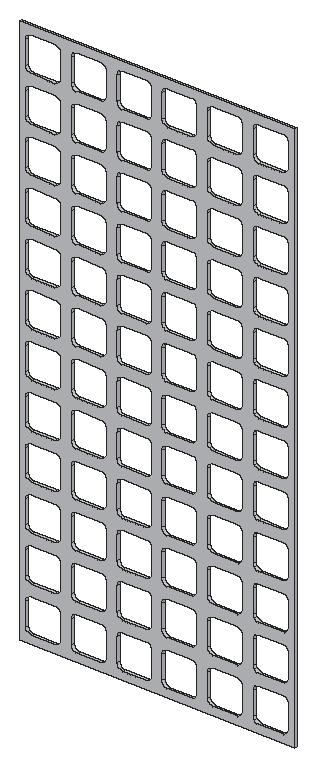
Revit family "J2 PET Felt Room Divider Block", category Specialty Equipment, Revit 2022
Family settings
  Round Connector Dimension = Use Diameter
  Part Type = Normal
  Work Plane-Based = No
  Always vertical = Yes
  Cut with Voids When Loaded = No
  Maintain Annotation Orientation = No
  Shared = No
  Room Calculation Point = No
Parameters
  URL = "https://www.j2systems.net/"
  Style Number = "RDBLOK"  # constant formula
  Symbol Name = "RDBLOK"  # constant formula
  Release Date = "2019"  # constant formula
  Product Line = "Room Divider"  # constant formula
  Model = "Block"  # constant formula
  Manufacturer = "J2 Systems"  # constant formula
  Keynote = ""
  Felt Color = none
  Default Elevation = 0' - 0"
Reference planes (in)
  plane 1 "Center (Front/Back)": y = 0
  plane 2: z = 0
  plane 3 "Center (Left/Right)": x = 0
Forms (in)
  Extrusion 1, solid, material <- "Felt Color"
    sketch origin (0, 0, 0) x (1, 0, 0) y (0, 0, 1)
      loop
        line (-23.5, 0) -> (23.5, 0) -> (23.5, 95) -> (-23.5, 95) -> (-23.5, 0)
      loop
        arc (-21.5, 7.41406) -> (-22.20711, 7.12117) -> (-22.5, 6.41406) r 1
        line (-22.5, 6.41406) -> (-22.5, 2.41406)
        arc (-22.5, 2.41406) -> (-22.20711, 1.70696) -> (-21.5, 1.41406) r 1
        line (-21.5, 1.41406) -> (-17.5, 1.41406)
        arc (-17.5, 1.41406) -> (-16.79289, 1.70696) -> (-16.5, 2.41406) r 1
        line (-16.5, 2.41406) -> (-16.5, 6.41406)
        arc (-16.5, 6.41406) -> (-16.79289, 7.12117) -> (-17.5, 7.41406) r 1
        line (-17.5, 7.41406) -> (-21.5, 7.41406)
      loop
        arc (-13.66667, 7.41406) -> (-14.37377, 7.12117) -> (-14.66667, 6.41406) r 1
        line (-14.66667, 6.41406) -> (-14.66667, 2.41406)
        arc (-14.66667, 2.41406) -> (-14.37377, 1.70696) -> (-13.66667, 1.41406) r 1
        line (-13.66667, 1.41406) -> (-9.66667, 1.41406)
        arc (-9.66667, 1.41406) -> (-8.95956, 1.70696) -> (-8.66667, 2.41406) r 1
        line (-8.66667, 2.41406) -> (-8.66667, 6.41406)
        arc (-8.66667, 6.41406) -> (-8.95956, 7.12117) -> (-9.66667, 7.41406) r 1
        line (-9.66667, 7.41406) -> (-13.66667, 7.41406)
      loop
        arc (-5.83333, 7.41406) -> (-6.54044, 7.12117) -> (-6.83333, 6.41406) r 1
        line (-6.83333, 6.41406) -> (-6.83333, 2.41406)
        arc (-6.83333, 2.41406) -> (-6.54044, 1.70696) -> (-5.83333, 1.41406) r 1
        line (-5.83333, 1.41406) -> (-1.83333, 1.41406)
        arc (-1.83333, 1.41406) -> (-1.12623, 1.70696) -> (-0.83333, 2.41406) r 1
        line (-0.83333, 2.41406) -> (-0.83333, 6.41406)
        arc (-0.83333, 6.41406) -> (-1.12623, 7.12117) -> (-1.83333, 7.41406) r 1
        line (-1.83333, 7.41406) -> (-5.83333, 7.41406)
      loop
        arc (1.83333, 7.41406) -> (1.12623, 7.12117) -> (0.83333, 6.41406) r 1
        line (0.83333, 6.41406) -> (0.83333, 2.41406)
        arc (0.83333, 2.41406) -> (1.12623, 1.70696) -> (1.83333, 1.41406) r 1
        line (1.83333, 1.41406) -> (5.83333, 1.41406)
        arc (5.83333, 1.41406) -> (6.54044, 1.70696) -> (6.83333, 2.41406) r 1
        line (6.83333, 2.41406) -> (6.83333, 6.41406)
        arc (6.83333, 6.41406) -> (6.54044, 7.12117) -> (5.83333, 7.41406) r 1
        line (5.83333, 7.41406) -> (1.83333, 7.41406)
      loop
        arc (9.66667, 7.41406) -> (8.95956, 7.12117) -> (8.66667, 6.41406) r 1
        line (8.66667, 6.41406) -> (8.66667, 2.41406)
        arc (8.66667, 2.41406) -> (8.95956, 1.70696) -> (9.66667, 1.41406) r 1
        line (9.66667, 1.41406) -> (13.66667, 1.41406)
        arc (13.66667, 1.41406) -> (14.37377, 1.70696) -> (14.66667, 2.41406) r 1
        line (14.66667, 2.41406) -> (14.66667, 6.41406)
        arc (14.66667, 6.41406) -> (14.37377, 7.12117) -> (13.66667, 7.41406) r 1
        line (13.66667, 7.41406) -> (9.66667, 7.41406)
      loop
        arc (17.5, 7.41406) -> (16.79289, 7.12117) -> (16.5, 6.41406) r 1
        line (16.5, 6.41406) -> (16.5, 2.41406)
        arc (16.5, 2.41406) -> (16.79289, 1.70696) -> (17.5, 1.41406) r 1
        line (17.5, 1.41406) -> (21.5, 1.41406)
        arc (21.5, 1.41406) -> (22.20711, 1.70696) -> (22.5, 2.41406) r 1
        line (22.5, 2.41406) -> (22.5, 6.41406)
        arc (22.5, 6.41406) -> (22.20711, 7.12117) -> (21.5, 7.41406) r 1
        line (21.5, 7.41406) -> (17.5, 7.41406)
      loop
        arc (-21.5, 15.2474) -> (-22.20711, 14.9545) -> (-22.5, 14.2474) r 1
        line (-22.5, 14.2474) -> (-22.5, 10.2474)
        arc (-22.5, 10.2474) -> (-22.20711, 9.54029) -> (-21.5, 9.2474) r 1
        line (-21.5, 9.2474) -> (-17.5, 9.2474)
        arc (-17.5, 9.2474) -> (-16.79289, 9.54029) -> (-16.5, 10.2474) r 1
        line (-16.5, 10.2474) -> (-16.5, 14.2474)
        arc (-16.5, 14.2474) -> (-16.79289, 14.9545) -> (-17.5, 15.2474) r 1
        line (-17.5, 15.2474) -> (-21.5, 15.2474)
      loop
        arc (-13.66667, 15.2474) -> (-14.37377, 14.9545) -> (-14.66667, 14.2474) r 1
        line (-14.66667, 14.2474) -> (-14.66667, 10.2474)
        arc (-14.66667, 10.2474) -> (-14.37377, 9.54029) -> (-13.66667, 9.2474) r 1
        line (-13.66667, 9.2474) -> (-9.66667, 9.2474)
        arc (-9.66667, 9.2474) -> (-8.95956, 9.54029) -> (-8.66667, 10.2474) r 1
        line (-8.66667, 10.2474) -> (-8.66667, 14.2474)
        arc (-8.66667, 14.2474) -> (-8.95956, 14.9545) -> (-9.66667, 15.2474) r 1
        line (-9.66667, 15.2474) -> (-13.66667, 15.2474)
      loop
        arc (-5.83333, 15.2474) -> (-6.54044, 14.9545) -> (-6.83333, 14.2474) r 1
        line (-6.83333, 14.2474) -> (-6.83333, 10.2474)
        arc (-6.83333, 10.2474) -> (-6.54044, 9.54029) -> (-5.83333, 9.2474) r 1
        line (-5.83333, 9.2474) -> (-1.83333, 9.2474)
        arc (-1.83333, 9.2474) -> (-1.12623, 9.54029) -> (-0.83333, 10.2474) r 1
        line (-0.83333, 10.2474) -> (-0.83333, 14.2474)
        arc (-0.83333, 14.2474) -> (-1.12623, 14.9545) -> (-1.83333, 15.2474) r 1
        line (-1.83333, 15.2474) -> (-5.83333, 15.2474)
      loop
        arc (1.83333, 15.2474) -> (1.12623, 14.9545) -> (0.83333, 14.2474) r 1
        line (0.83333, 14.2474) -> (0.83333, 10.2474)
        arc (0.83333, 10.2474) -> (1.12623, 9.54029) -> (1.83333, 9.2474) r 1
        line (1.83333, 9.2474) -> (5.83333, 9.2474)
        arc (5.83333, 9.2474) -> (6.54044, 9.54029) -> (6.83333, 10.2474) r 1
        line (6.83333, 10.2474) -> (6.83333, 14.2474)
        arc (6.83333, 14.2474) -> (6.54044, 14.9545) -> (5.83333, 15.2474) r 1
        line (5.83333, 15.2474) -> (1.83333, 15.2474)
      loop
        arc (9.66667, 15.2474) -> (8.95956, 14.9545) -> (8.66667, 14.2474) r 1
        line (8.66667, 14.2474) -> (8.66667, 10.2474)
        arc (8.66667, 10.2474) -> (8.95956, 9.54029) -> (9.66667, 9.2474) r 1
        line (9.66667, 9.2474) -> (13.66667, 9.2474)
        arc (13.66667, 9.2474) -> (14.37377, 9.54029) -> (14.66667, 10.2474) r 1
        line (14.66667, 10.2474) -> (14.66667, 14.2474)
        arc (14.66667, 14.2474) -> (14.37377, 14.9545) -> (13.66667, 15.2474) r 1
        line (13.66667, 15.2474) -> (9.66667, 15.2474)
      loop
        arc (17.5, 15.2474) -> (16.79289, 14.9545) -> (16.5, 14.2474) r 1
        line (16.5, 14.2474) -> (16.5, 10.2474)
        arc (16.5, 10.2474) -> (16.79289, 9.54029) -> (17.5, 9.2474) r 1
        line (17.5, 9.2474) -> (21.5, 9.2474)
        arc (21.5, 9.2474) -> (22.20711, 9.54029) -> (22.5, 10.2474) r 1
        line (22.5, 10.2474) -> (22.5, 14.2474)
        arc (22.5, 14.2474) -> (22.20711, 14.9545) -> (21.5, 15.2474) r 1
        line (21.5, 15.2474) -> (17.5, 15.2474)
      loop
        arc (-21.5, 23.08073) -> (-22.20711, 22.78784) -> (-22.5, 22.08073) r 1
        line (-22.5, 22.08073) -> (-22.5, 18.08073)
        arc (-22.5, 18.08073) -> (-22.20711, 17.37362) -> (-21.5, 17.08073) r 1
        line (-21.5, 17.08073) -> (-17.5, 17.08073)
        arc (-17.5, 17.08073) -> (-16.79289, 17.37362) -> (-16.5, 18.08073) r 1
        line (-16.5, 18.08073) -> (-16.5, 22.08073)
        arc (-16.5, 22.08073) -> (-16.79289, 22.78784) -> (-17.5, 23.08073) r 1
        line (-17.5, 23.08073) -> (-21.5, 23.08073)
      loop
        arc (-13.66667, 23.08073) -> (-14.37377, 22.78784) -> (-14.66667, 22.08073) r 1
        line (-14.66667, 22.08073) -> (-14.66667, 18.08073)
        arc (-14.66667, 18.08073) -> (-14.37377, 17.37362) -> (-13.66667, 17.08073) r 1
        line (-13.66667, 17.08073) -> (-9.66667, 17.08073)
        arc (-9.66667, 17.08073) -> (-8.95956, 17.37362) -> (-8.66667, 18.08073) r 1
        line (-8.66667, 18.08073) -> (-8.66667, 22.08073)
        arc (-8.66667, 22.08073) -> (-8.95956, 22.78784) -> (-9.66667, 23.08073) r 1
        line (-9.66667, 23.08073) -> (-13.66667, 23.08073)
      loop
        arc (-5.83333, 23.08073) -> (-6.54044, 22.78784) -> (-6.83333, 22.08073) r 1
        line (-6.83333, 22.08073) -> (-6.83333, 18.08073)
        arc (-6.83333, 18.08073) -> (-6.54044, 17.37362) -> (-5.83333, 17.08073) r 1
        line (-5.83333, 17.08073) -> (-1.83333, 17.08073)
        arc (-1.83333, 17.08073) -> (-1.12623, 17.37362) -> (-0.83333, 18.08073) r 1
        line (-0.83333, 18.08073) -> (-0.83333, 22.08073)
        arc (-0.83333, 22.08073) -> (-1.12623, 22.78784) -> (-1.83333, 23.08073) r 1
        line (-1.83333, 23.08073) -> (-5.83333, 23.08073)
      loop
        arc (1.83333, 23.08073) -> (1.12623, 22.78784) -> (0.83333, 22.08073) r 1
        line (0.83333, 22.08073) -> (0.83333, 18.08073)
        arc (0.83333, 18.08073) -> (1.12623, 17.37362) -> (1.83333, 17.08073) r 1
        line (1.83333, 17.08073) -> (5.83333, 17.08073)
        arc (5.83333, 17.08073) -> (6.54044, 17.37362) -> (6.83333, 18.08073) r 1
        line (6.83333, 18.08073) -> (6.83333, 22.08073)
        arc (6.83333, 22.08073) -> (6.54044, 22.78784) -> (5.83333, 23.08073) r 1
        line (5.83333, 23.08073) -> (1.83333, 23.08073)
      loop
        arc (9.66667, 23.08073) -> (8.95956, 22.78784) -> (8.66667, 22.08073) r 1
        line (8.66667, 22.08073) -> (8.66667, 18.08073)
        arc (8.66667, 18.08073) -> (8.95956, 17.37362) -> (9.66667, 17.08073) r 1
        line (9.66667, 17.08073) -> (13.66667, 17.08073)
        arc (13.66667, 17.08073) -> (14.37377, 17.37362) -> (14.66667, 18.08073) r 1
        line (14.66667, 18.08073) -> (14.66667, 22.08073)
        arc (14.66667, 22.08073) -> (14.37377, 22.78784) -> (13.66667, 23.08073) r 1
        line (13.66667, 23.08073) -> (9.66667, 23.08073)
      loop
        arc (17.5, 23.08073) -> (16.79289, 22.78784) -> (16.5, 22.08073) r 1
        line (16.5, 22.08073) -> (16.5, 18.08073)
        arc (16.5, 18.08073) -> (16.79289, 17.37362) -> (17.5, 17.08073) r 1
        line (17.5, 17.08073) -> (21.5, 17.08073)
        arc (21.5, 17.08073) -> (22.20711, 17.37362) -> (22.5, 18.08073) r 1
        line (22.5, 18.08073) -> (22.5, 22.08073)
        arc (22.5, 22.08073) -> (22.20711, 22.78784) -> (21.5, 23.08073) r 1
        line (21.5, 23.08073) -> (17.5, 23.08073)
      loop
        arc (-21.5, 30.91406) -> (-22.20711, 30.62117) -> (-22.5, 29.91406) r 1
        line (-22.5, 29.91406) -> (-22.5, 25.91406)
        arc (-22.5, 25.91406) -> (-22.20711, 25.20696) -> (-21.5, 24.91406) r 1
        line (-21.5, 24.91406) -> (-17.5, 24.91406)
        arc (-17.5, 24.91406) -> (-16.79289, 25.20696) -> (-16.5, 25.91406) r 1
        line (-16.5, 25.91406) -> (-16.5, 29.91406)
        arc (-16.5, 29.91406) -> (-16.79289, 30.62117) -> (-17.5, 30.91406) r 1
        line (-17.5, 30.91406) -> (-21.5, 30.91406)
      loop
        arc (-13.66667, 30.91406) -> (-14.37377, 30.62117) -> (-14.66667, 29.91406) r 1
        line (-14.66667, 29.91406) -> (-14.66667, 25.91406)
        arc (-14.66667, 25.91406) -> (-14.37377, 25.20696) -> (-13.66667, 24.91406) r 1
        line (-13.66667, 24.91406) -> (-9.66667, 24.91406)
        arc (-9.66667, 24.91406) -> (-8.95956, 25.20696) -> (-8.66667, 25.91406) r 1
        line (-8.66667, 25.91406) -> (-8.66667, 29.91406)
        arc (-8.66667, 29.91406) -> (-8.95956, 30.62117) -> (-9.66667, 30.91406) r 1
        line (-9.66667, 30.91406) -> (-13.66667, 30.91406)
      loop
        arc (-5.83333, 30.91406) -> (-6.54044, 30.62117) -> (-6.83333, 29.91406) r 1
        line (-6.83333, 29.91406) -> (-6.83333, 25.91406)
        arc (-6.83333, 25.91406) -> (-6.54044, 25.20696) -> (-5.83333, 24.91406) r 1
        line (-5.83333, 24.91406) -> (-1.83333, 24.91406)
        arc (-1.83333, 24.91406) -> (-1.12623, 25.20696) -> (-0.83333, 25.91406) r 1
        line (-0.83333, 25.91406) -> (-0.83333, 29.91406)
        arc (-0.83333, 29.91406) -> (-1.12623, 30.62117) -> (-1.83333, 30.91406) r 1
        line (-1.83333, 30.91406) -> (-5.83333, 30.91406)
      loop
        arc (1.83333, 30.91406) -> (1.12623, 30.62117) -> (0.83333, 29.91406) r 1
        line (0.83333, 29.91406) -> (0.83333, 25.91406)
        arc (0.83333, 25.91406) -> (1.12623, 25.20696) -> (1.83333, 24.91406) r 1
        line (1.83333, 24.91406) -> (5.83333, 24.91406)
        arc (5.83333, 24.91406) -> (6.54044, 25.20696) -> (6.83333, 25.91406) r 1
        line (6.83333, 25.91406) -> (6.83333, 29.91406)
        arc (6.83333, 29.91406) -> (6.54044, 30.62117) -> (5.83333, 30.91406) r 1
        line (5.83333, 30.91406) -> (1.83333, 30.91406)
      loop
        arc (9.66667, 30.91406) -> (8.95956, 30.62117) -> (8.66667, 29.91406) r 1
        line (8.66667, 29.91406) -> (8.66667, 25.91406)
        arc (8.66667, 25.91406) -> (8.95956, 25.20696) -> (9.66667, 24.91406) r 1
        line (9.66667, 24.91406) -> (13.66667, 24.91406)
        arc (13.66667, 24.91406) -> (14.37377, 25.20696) -> (14.66667, 25.91406) r 1
        line (14.66667, 25.91406) -> (14.66667, 29.91406)
        arc (14.66667, 29.91406) -> (14.37377, 30.62117) -> (13.66667, 30.91406) r 1
        line (13.66667, 30.91406) -> (9.66667, 30.91406)
      loop
        arc (17.5, 30.91406) -> (16.79289, 30.62117) -> (16.5, 29.91406) r 1
        line (16.5, 29.91406) -> (16.5, 25.91406)
        arc (16.5, 25.91406) -> (16.79289, 25.20696) -> (17.5, 24.91406) r 1
        line (17.5, 24.91406) -> (21.5, 24.91406)
        arc (21.5, 24.91406) -> (22.20711, 25.20696) -> (22.5, 25.91406) r 1
        line (22.5, 25.91406) -> (22.5, 29.91406)
        arc (22.5, 29.91406) -> (22.20711, 30.62117) -> (21.5, 30.91406) r 1
        line (21.5, 30.91406) -> (17.5, 30.91406)
      loop
        arc (-21.5, 38.7474) -> (-22.20711, 38.4545) -> (-22.5, 37.7474) r 1
        line (-22.5, 37.7474) -> (-22.5, 33.7474)
        arc (-22.5, 33.7474) -> (-22.20711, 33.04029) -> (-21.5, 32.7474) r 1
        line (-21.5, 32.7474) -> (-17.5, 32.7474)
        arc (-17.5, 32.7474) -> (-16.79289, 33.04029) -> (-16.5, 33.7474) r 1
        line (-16.5, 33.7474) -> (-16.5, 37.7474)
        arc (-16.5, 37.7474) -> (-16.79289, 38.4545) -> (-17.5, 38.7474) r 1
        line (-17.5, 38.7474) -> (-21.5, 38.7474)
      loop
        arc (-13.66667, 38.7474) -> (-14.37377, 38.4545) -> (-14.66667, 37.7474) r 1
        line (-14.66667, 37.7474) -> (-14.66667, 33.7474)
        arc (-14.66667, 33.7474) -> (-14.37377, 33.04029) -> (-13.66667, 32.7474) r 1
        line (-13.66667, 32.7474) -> (-9.66667, 32.7474)
        arc (-9.66667, 32.7474) -> (-8.95956, 33.04029) -> (-8.66667, 33.7474) r 1
        line (-8.66667, 33.7474) -> (-8.66667, 37.7474)
        arc (-8.66667, 37.7474) -> (-8.95956, 38.4545) -> (-9.66667, 38.7474) r 1
        line (-9.66667, 38.7474) -> (-13.66667, 38.7474)
      loop
        arc (-5.83333, 38.7474) -> (-6.54044, 38.4545) -> (-6.83333, 37.7474) r 1
        line (-6.83333, 37.7474) -> (-6.83333, 33.7474)
        arc (-6.83333, 33.7474) -> (-6.54044, 33.04029) -> (-5.83333, 32.7474) r 1
        line (-5.83333, 32.7474) -> (-1.83333, 32.7474)
        arc (-1.83333, 32.7474) -> (-1.12623, 33.04029) -> (-0.83333, 33.7474) r 1
        line (-0.83333, 33.7474) -> (-0.83333, 37.7474)
        arc (-0.83333, 37.7474) -> (-1.12623, 38.4545) -> (-1.83333, 38.7474) r 1
        line (-1.83333, 38.7474) -> (-5.83333, 38.7474)
      loop
        arc (1.83333, 38.7474) -> (1.12623, 38.4545) -> (0.83333, 37.7474) r 1
        line (0.83333, 37.7474) -> (0.83333, 33.7474)
        arc (0.83333, 33.7474) -> (1.12623, 33.04029) -> (1.83333, 32.7474) r 1
        line (1.83333, 32.7474) -> (5.83333, 32.7474)
        arc (5.83333, 32.7474) -> (6.54044, 33.04029) -> (6.83333, 33.7474) r 1
        line (6.83333, 33.7474) -> (6.83333, 37.7474)
        arc (6.83333, 37.7474) -> (6.54044, 38.4545) -> (5.83333, 38.7474) r 1
        line (5.83333, 38.7474) -> (1.83333, 38.7474)
      loop
        arc (9.66667, 38.7474) -> (8.95956, 38.4545) -> (8.66667, 37.7474) r 1
        line (8.66667, 37.7474) -> (8.66667, 33.7474)
        arc (8.66667, 33.7474) -> (8.95956, 33.04029) -> (9.66667, 32.7474) r 1
        line (9.66667, 32.7474) -> (13.66667, 32.7474)
        arc (13.66667, 32.7474) -> (14.37377, 33.04029) -> (14.66667, 33.7474) r 1
        line (14.66667, 33.7474) -> (14.66667, 37.7474)
        arc (14.66667, 37.7474) -> (14.37377, 38.4545) -> (13.66667, 38.7474) r 1
        line (13.66667, 38.7474) -> (9.66667, 38.7474)
      loop
        arc (17.5, 38.7474) -> (16.79289, 38.4545) -> (16.5, 37.7474) r 1
        line (16.5, 37.7474) -> (16.5, 33.7474)
        arc (16.5, 33.7474) -> (16.79289, 33.04029) -> (17.5, 32.7474) r 1
        line (17.5, 32.7474) -> (21.5, 32.7474)
        arc (21.5, 32.7474) -> (22.20711, 33.04029) -> (22.5, 33.7474) r 1
        line (22.5, 33.7474) -> (22.5, 37.7474)
        arc (22.5, 37.7474) -> (22.20711, 38.4545) -> (21.5, 38.7474) r 1
        line (21.5, 38.7474) -> (17.5, 38.7474)
      loop
        arc (-21.5, 46.58073) -> (-22.20711, 46.28784) -> (-22.5, 45.58073) r 1
        line (-22.5, 45.58073) -> (-22.5, 41.58073)
        arc (-22.5, 41.58073) -> (-22.20711, 40.87362) -> (-21.5, 40.58073) r 1
        line (-21.5, 40.58073) -> (-17.5, 40.58073)
        arc (-17.5, 40.58073) -> (-16.79289, 40.87362) -> (-16.5, 41.58073) r 1
        line (-16.5, 41.58073) -> (-16.5, 45.58073)
        arc (-16.5, 45.58073) -> (-16.79289, 46.28784) -> (-17.5, 46.58073) r 1
        line (-17.5, 46.58073) -> (-21.5, 46.58073)
      loop
        arc (-13.66667, 46.58073) -> (-14.37377, 46.28784) -> (-14.66667, 45.58073) r 1
        line (-14.66667, 45.58073) -> (-14.66667, 41.58073)
        arc (-14.66667, 41.58073) -> (-14.37377, 40.87362) -> (-13.66667, 40.58073) r 1
        line (-13.66667, 40.58073) -> (-9.66667, 40.58073)
        arc (-9.66667, 40.58073) -> (-8.95956, 40.87362) -> (-8.66667, 41.58073) r 1
        line (-8.66667, 41.58073) -> (-8.66667, 45.58073)
        arc (-8.66667, 45.58073) -> (-8.95956, 46.28784) -> (-9.66667, 46.58073) r 1
        line (-9.66667, 46.58073) -> (-13.66667, 46.58073)
      loop
        arc (-5.83333, 46.58073) -> (-6.54044, 46.28784) -> (-6.83333, 45.58073) r 1
        line (-6.83333, 45.58073) -> (-6.83333, 41.58073)
        arc (-6.83333, 41.58073) -> (-6.54044, 40.87362) -> (-5.83333, 40.58073) r 1
        line (-5.83333, 40.58073) -> (-1.83333, 40.58073)
        arc (-1.83333, 40.58073) -> (-1.12623, 40.87362) -> (-0.83333, 41.58073) r 1
        line (-0.83333, 41.58073) -> (-0.83333, 45.58073)
        arc (-0.83333, 45.58073) -> (-1.12623, 46.28784) -> (-1.83333, 46.58073) r 1
        line (-1.83333, 46.58073) -> (-5.83333, 46.58073)
      loop
        arc (1.83333, 46.58073) -> (1.12623, 46.28784) -> (0.83333, 45.58073) r 1
        line (0.83333, 45.58073) -> (0.83333, 41.58073)
        arc (0.83333, 41.58073) -> (1.12623, 40.87362) -> (1.83333, 40.58073) r 1
        line (1.83333, 40.58073) -> (5.83333, 40.58073)
        arc (5.83333, 40.58073) -> (6.54044, 40.87362) -> (6.83333, 41.58073) r 1
        line (6.83333, 41.58073) -> (6.83333, 45.58073)
        arc (6.83333, 45.58073) -> (6.54044, 46.28784) -> (5.83333, 46.58073) r 1
        line (5.83333, 46.58073) -> (1.83333, 46.58073)
      loop
        arc (9.66667, 46.58073) -> (8.95956, 46.28784) -> (8.66667, 45.58073) r 1
        line (8.66667, 45.58073) -> (8.66667, 41.58073)
        arc (8.66667, 41.58073) -> (8.95956, 40.87362) -> (9.66667, 40.58073) r 1
        line (9.66667, 40.58073) -> (13.66667, 40.58073)
        arc (13.66667, 40.58073) -> (14.37377, 40.87362) -> (14.66667, 41.58073) r 1
        line (14.66667, 41.58073) -> (14.66667, 45.58073)
        arc (14.66667, 45.58073) -> (14.37377, 46.28784) -> (13.66667, 46.58073) r 1
        line (13.66667, 46.58073) -> (9.66667, 46.58073)
      loop
        arc (17.5, 46.58073) -> (16.79289, 46.28784) -> (16.5, 45.58073) r 1
        line (16.5, 45.58073) -> (16.5, 41.58073)
        arc (16.5, 41.58073) -> (16.79289, 40.87362) -> (17.5, 40.58073) r 1
        line (17.5, 40.58073) -> (21.5, 40.58073)
        arc (21.5, 40.58073) -> (22.20711, 40.87362) -> (22.5, 41.58073) r 1
        line (22.5, 41.58073) -> (22.5, 45.58073)
        arc (22.5, 45.58073) -> (22.20711, 46.28784) -> (21.5, 46.58073) r 1
        line (21.5, 46.58073) -> (17.5, 46.58073)
      loop
        arc (-21.5, 54.41406) -> (-22.20711, 54.12117) -> (-22.5, 53.41406) r 1
        line (-22.5, 53.41406) -> (-22.5, 49.41406)
        arc (-22.5, 49.41406) -> (-22.20711, 48.70696) -> (-21.5, 48.41406) r 1
        line (-21.5, 48.41406) -> (-17.5, 48.41406)
        arc (-17.5, 48.41406) -> (-16.79289, 48.70696) -> (-16.5, 49.41406) r 1
        line (-16.5, 49.41406) -> (-16.5, 53.41406)
        arc (-16.5, 53.41406) -> (-16.79289, 54.12117) -> (-17.5, 54.41406) r 1
        line (-17.5, 54.41406) -> (-21.5, 54.41406)
      loop
        arc (-13.66667, 54.41406) -> (-14.37377, 54.12117) -> (-14.66667, 53.41406) r 1
        line (-14.66667, 53.41406) -> (-14.66667, 49.41406)
        arc (-14.66667, 49.41406) -> (-14.37377, 48.70696) -> (-13.66667, 48.41406) r 1
        line (-13.66667, 48.41406) -> (-9.66667, 48.41406)
        arc (-9.66667, 48.41406) -> (-8.95956, 48.70696) -> (-8.66667, 49.41406) r 1
        line (-8.66667, 49.41406) -> (-8.66667, 53.41406)
        arc (-8.66667, 53.41406) -> (-8.95956, 54.12117) -> (-9.66667, 54.41406) r 1
        line (-9.66667, 54.41406) -> (-13.66667, 54.41406)
      loop
        arc (-5.83333, 54.41406) -> (-6.54044, 54.12117) -> (-6.83333, 53.41406) r 1
        line (-6.83333, 53.41406) -> (-6.83333, 49.41406)
        arc (-6.83333, 49.41406) -> (-6.54044, 48.70696) -> (-5.83333, 48.41406) r 1
        line (-5.83333, 48.41406) -> (-1.83333, 48.41406)
        arc (-1.83333, 48.41406) -> (-1.12623, 48.70696) -> (-0.83333, 49.41406) r 1
        line (-0.83333, 49.41406) -> (-0.83333, 53.41406)
        arc (-0.83333, 53.41406) -> (-1.12623, 54.12117) -> (-1.83333, 54.41406) r 1
        line (-1.83333, 54.41406) -> (-5.83333, 54.41406)
      loop
        arc (1.83333, 54.41406) -> (1.12623, 54.12117) -> (0.83333, 53.41406) r 1
        line (0.83333, 53.41406) -> (0.83333, 49.41406)
        arc (0.83333, 49.41406) -> (1.12623, 48.70696) -> (1.83333, 48.41406) r 1
        line (1.83333, 48.41406) -> (5.83333, 48.41406)
        arc (5.83333, 48.41406) -> (6.54044, 48.70696) -> (6.83333, 49.41406) r 1
        line (6.83333, 49.41406) -> (6.83333, 53.41406)
        arc (6.83333, 53.41406) -> (6.54044, 54.12117) -> (5.83333, 54.41406) r 1
        line (5.83333, 54.41406) -> (1.83333, 54.41406)
      loop
        arc (9.66667, 54.41406) -> (8.95956, 54.12117) -> (8.66667, 53.41406) r 1
        line (8.66667, 53.41406) -> (8.66667, 49.41406)
        arc (8.66667, 49.41406) -> (8.95956, 48.70696) -> (9.66667, 48.41406) r 1
        line (9.66667, 48.41406) -> (13.66667, 48.41406)
        arc (13.66667, 48.41406) -> (14.37377, 48.70696) -> (14.66667, 49.41406) r 1
        line (14.66667, 49.41406) -> (14.66667, 53.41406)
        arc (14.66667, 53.41406) -> (14.37377, 54.12117) -> (13.66667, 54.41406) r 1
        line (13.66667, 54.41406) -> (9.66667, 54.41406)
      loop
        arc (17.5, 54.41406) -> (16.79289, 54.12117) -> (16.5, 53.41406) r 1
        line (16.5, 53.41406) -> (16.5, 49.41406)
        arc (16.5, 49.41406) -> (16.79289, 48.70696) -> (17.5, 48.41406) r 1
        line (17.5, 48.41406) -> (21.5, 48.41406)
        arc (21.5, 48.41406) -> (22.20711, 48.70696) -> (22.5, 49.41406) r 1
        line (22.5, 49.41406) -> (22.5, 53.41406)
        arc (22.5, 53.41406) -> (22.20711, 54.12117) -> (21.5, 54.41406) r 1
        line (21.5, 54.41406) -> (17.5, 54.41406)
      loop
        arc (-21.5, 62.2474) -> (-22.20711, 61.9545) -> (-22.5, 61.2474) r 1
        line (-22.5, 61.2474) -> (-22.5, 57.2474)
        arc (-22.5, 57.2474) -> (-22.20711, 56.54029) -> (-21.5, 56.2474) r 1
        line (-21.5, 56.2474) -> (-17.5, 56.2474)
        arc (-17.5, 56.2474) -> (-16.79289, 56.54029) -> (-16.5, 57.2474) r 1
        line (-16.5, 57.2474) -> (-16.5, 61.2474)
        arc (-16.5, 61.2474) -> (-16.79289, 61.9545) -> (-17.5, 62.2474) r 1
        line (-17.5, 62.2474) -> (-21.5, 62.2474)
      loop
        arc (-13.66667, 62.2474) -> (-14.37377, 61.9545) -> (-14.66667, 61.2474) r 1
        line (-14.66667, 61.2474) -> (-14.66667, 57.2474)
        arc (-14.66667, 57.2474) -> (-14.37377, 56.54029) -> (-13.66667, 56.2474) r 1
        line (-13.66667, 56.2474) -> (-9.66667, 56.2474)
        arc (-9.66667, 56.2474) -> (-8.95956, 56.54029) -> (-8.66667, 57.2474) r 1
        line (-8.66667, 57.2474) -> (-8.66667, 61.2474)
        arc (-8.66667, 61.2474) -> (-8.95956, 61.9545) -> (-9.66667, 62.2474) r 1
        line (-9.66667, 62.2474) -> (-13.66667, 62.2474)
      loop
        arc (-5.83333, 62.2474) -> (-6.54044, 61.9545) -> (-6.83333, 61.2474) r 1
        line (-6.83333, 61.2474) -> (-6.83333, 57.2474)
        arc (-6.83333, 57.2474) -> (-6.54044, 56.54029) -> (-5.83333, 56.2474) r 1
        line (-5.83333, 56.2474) -> (-1.83333, 56.2474)
        arc (-1.83333, 56.2474) -> (-1.12623, 56.54029) -> (-0.83333, 57.2474) r 1
        line (-0.83333, 57.2474) -> (-0.83333, 61.2474)
        arc (-0.83333, 61.2474) -> (-1.12623, 61.9545) -> (-1.83333, 62.2474) r 1
        line (-1.83333, 62.2474) -> (-5.83333, 62.2474)
      loop
        arc (1.83333, 62.2474) -> (1.12623, 61.9545) -> (0.83333, 61.2474) r 1
        line (0.83333, 61.2474) -> (0.83333, 57.2474)
        arc (0.83333, 57.2474) -> (1.12623, 56.54029) -> (1.83333, 56.2474) r 1
        line (1.83333, 56.2474) -> (5.83333, 56.2474)
        arc (5.83333, 56.2474) -> (6.54044, 56.54029) -> (6.83333, 57.2474) r 1
        line (6.83333, 57.2474) -> (6.83333, 61.2474)
        arc (6.83333, 61.2474) -> (6.54044, 61.9545) -> (5.83333, 62.2474) r 1
        line (5.83333, 62.2474) -> (1.83333, 62.2474)
      loop
        arc (9.66667, 62.2474) -> (8.95956, 61.9545) -> (8.66667, 61.2474) r 1
        line (8.66667, 61.2474) -> (8.66667, 57.2474)
        arc (8.66667, 57.2474) -> (8.95956, 56.54029) -> (9.66667, 56.2474) r 1
        line (9.66667, 56.2474) -> (13.66667, 56.2474)
        arc (13.66667, 56.2474) -> (14.37377, 56.54029) -> (14.66667, 57.2474) r 1
        line (14.66667, 57.2474) -> (14.66667, 61.2474)
        arc (14.66667, 61.2474) -> (14.37377, 61.9545) -> (13.66667, 62.2474) r 1
        line (13.66667, 62.2474) -> (9.66667, 62.2474)
      loop
        arc (17.5, 62.2474) -> (16.79289, 61.9545) -> (16.5, 61.2474) r 1
        line (16.5, 61.2474) -> (16.5, 57.2474)
        arc (16.5, 57.2474) -> (16.79289, 56.54029) -> (17.5, 56.2474) r 1
        line (17.5, 56.2474) -> (21.5, 56.2474)
        arc (21.5, 56.2474) -> (22.20711, 56.54029) -> (22.5, 57.2474) r 1
        line (22.5, 57.2474) -> (22.5, 61.2474)
        arc (22.5, 61.2474) -> (22.20711, 61.9545) -> (21.5, 62.2474) r 1
        line (21.5, 62.2474) -> (17.5, 62.2474)
      loop
        arc (-21.5, 70.08073) -> (-22.20711, 69.78784) -> (-22.5, 69.08073) r 1
        line (-22.5, 69.08073) -> (-22.5, 65.08073)
        arc (-22.5, 65.08073) -> (-22.20711, 64.37362) -> (-21.5, 64.08073) r 1
        line (-21.5, 64.08073) -> (-17.5, 64.08073)
        arc (-17.5, 64.08073) -> (-16.79289, 64.37362) -> (-16.5, 65.08073) r 1
        line (-16.5, 65.08073) -> (-16.5, 69.08073)
        arc (-16.5, 69.08073) -> (-16.79289, 69.78784) -> (-17.5, 70.08073) r 1
        line (-17.5, 70.08073) -> (-21.5, 70.08073)
      loop
        arc (-13.66667, 70.08073) -> (-14.37377, 69.78784) -> (-14.66667, 69.08073) r 1
        line (-14.66667, 69.08073) -> (-14.66667, 65.08073)
        arc (-14.66667, 65.08073) -> (-14.37377, 64.37362) -> (-13.66667, 64.08073) r 1
        line (-13.66667, 64.08073) -> (-9.66667, 64.08073)
        arc (-9.66667, 64.08073) -> (-8.95956, 64.37362) -> (-8.66667, 65.08073) r 1
        line (-8.66667, 65.08073) -> (-8.66667, 69.08073)
        arc (-8.66667, 69.08073) -> (-8.95956, 69.78784) -> (-9.66667, 70.08073) r 1
        line (-9.66667, 70.08073) -> (-13.66667, 70.08073)
      loop
        arc (-5.83333, 70.08073) -> (-6.54044, 69.78784) -> (-6.83333, 69.08073) r 1
        line (-6.83333, 69.08073) -> (-6.83333, 65.08073)
        arc (-6.83333, 65.08073) -> (-6.54044, 64.37362) -> (-5.83333, 64.08073) r 1
        line (-5.83333, 64.08073) -> (-1.83333, 64.08073)
        arc (-1.83333, 64.08073) -> (-1.12623, 64.37362) -> (-0.83333, 65.08073) r 1
        line (-0.83333, 65.08073) -> (-0.83333, 69.08073)
        arc (-0.83333, 69.08073) -> (-1.12623, 69.78784) -> (-1.83333, 70.08073) r 1
        line (-1.83333, 70.08073) -> (-5.83333, 70.08073)
      loop
        arc (1.83333, 70.08073) -> (1.12623, 69.78784) -> (0.83333, 69.08073) r 1
        line (0.83333, 69.08073) -> (0.83333, 65.08073)
        arc (0.83333, 65.08073) -> (1.12623, 64.37362) -> (1.83333, 64.08073) r 1
        line (1.83333, 64.08073) -> (5.83333, 64.08073)
        arc (5.83333, 64.08073) -> (6.54044, 64.37362) -> (6.83333, 65.08073) r 1
        line (6.83333, 65.08073) -> (6.83333, 69.08073)
        arc (6.83333, 69.08073) -> (6.54044, 69.78784) -> (5.83333, 70.08073) r 1
        line (5.83333, 70.08073) -> (1.83333, 70.08073)
      loop
        arc (9.66667, 70.08073) -> (8.95956, 69.78784) -> (8.66667, 69.08073) r 1
        line (8.66667, 69.08073) -> (8.66667, 65.08073)
        arc (8.66667, 65.08073) -> (8.95956, 64.37362) -> (9.66667, 64.08073) r 1
        line (9.66667, 64.08073) -> (13.66667, 64.08073)
        arc (13.66667, 64.08073) -> (14.37377, 64.37362) -> (14.66667, 65.08073) r 1
        line (14.66667, 65.08073) -> (14.66667, 69.08073)
        arc (14.66667, 69.08073) -> (14.37377, 69.78784) -> (13.66667, 70.08073) r 1
        line (13.66667, 70.08073) -> (9.66667, 70.08073)
      loop
        arc (17.5, 70.08073) -> (16.79289, 69.78784) -> (16.5, 69.08073) r 1
        line (16.5, 69.08073) -> (16.5, 65.08073)
        arc (16.5, 65.08073) -> (16.79289, 64.37362) -> (17.5, 64.08073) r 1
        line (17.5, 64.08073) -> (21.5, 64.08073)
        arc (21.5, 64.08073) -> (22.20711, 64.37362) -> (22.5, 65.08073) r 1
        line (22.5, 65.08073) -> (22.5, 69.08073)
        arc (22.5, 69.08073) -> (22.20711, 69.78784) -> (21.5, 70.08073) r 1
        line (21.5, 70.08073) -> (17.5, 70.08073)
      loop
        arc (-21.5, 77.91406) -> (-22.20711, 77.62117) -> (-22.5, 76.91406) r 1
        line (-22.5, 76.91406) -> (-22.5, 72.91406)
        arc (-22.5, 72.91406) -> (-22.20711, 72.20696) -> (-21.5, 71.91406) r 1
        line (-21.5, 71.91406) -> (-17.5, 71.91406)
        arc (-17.5, 71.91406) -> (-16.79289, 72.20696) -> (-16.5, 72.91406) r 1
        line (-16.5, 72.91406) -> (-16.5, 76.91406)
        arc (-16.5, 76.91406) -> (-16.79289, 77.62117) -> (-17.5, 77.91406) r 1
        line (-17.5, 77.91406) -> (-21.5, 77.91406)
      loop
        arc (-13.66667, 77.91406) -> (-14.37377, 77.62117) -> (-14.66667, 76.91406) r 1
        line (-14.66667, 76.91406) -> (-14.66667, 72.91406)
        arc (-14.66667, 72.91406) -> (-14.37377, 72.20696) -> (-13.66667, 71.91406) r 1
        line (-13.66667, 71.91406) -> (-9.66667, 71.91406)
        arc (-9.66667, 71.91406) -> (-8.95956, 72.20696) -> (-8.66667, 72.91406) r 1
        line (-8.66667, 72.91406) -> (-8.66667, 76.91406)
        arc (-8.66667, 76.91406) -> (-8.95956, 77.62117) -> (-9.66667, 77.91406) r 1
        line (-9.66667, 77.91406) -> (-13.66667, 77.91406)
      loop
        arc (-5.83333, 77.91406) -> (-6.54044, 77.62117) -> (-6.83333, 76.91406) r 1
        line (-6.83333, 76.91406) -> (-6.83333, 72.91406)
        arc (-6.83333, 72.91406) -> (-6.54044, 72.20696) -> (-5.83333, 71.91406) r 1
        line (-5.83333, 71.91406) -> (-1.83333, 71.91406)
        arc (-1.83333, 71.91406) -> (-1.12623, 72.20696) -> (-0.83333, 72.91406) r 1
        line (-0.83333, 72.91406) -> (-0.83333, 76.91406)
        arc (-0.83333, 76.91406) -> (-1.12623, 77.62117) -> (-1.83333, 77.91406) r 1
        line (-1.83333, 77.91406) -> (-5.83333, 77.91406)
      loop
        arc (1.83333, 77.91406) -> (1.12623, 77.62117) -> (0.83333, 76.91406) r 1
        line (0.83333, 76.91406) -> (0.83333, 72.91406)
        arc (0.83333, 72.91406) -> (1.12623, 72.20696) -> (1.83333, 71.91406) r 1
        line (1.83333, 71.91406) -> (5.83333, 71.91406)
        arc (5.83333, 71.91406) -> (6.54044, 72.20696) -> (6.83333, 72.91406) r 1
        line (6.83333, 72.91406) -> (6.83333, 76.91406)
        arc (6.83333, 76.91406) -> (6.54044, 77.62117) -> (5.83333, 77.91406) r 1
        line (5.83333, 77.91406) -> (1.83333, 77.91406)
      loop
        arc (9.66667, 77.91406) -> (8.95956, 77.62117) -> (8.66667, 76.91406) r 1
        line (8.66667, 76.91406) -> (8.66667, 72.91406)
        arc (8.66667, 72.91406) -> (8.95956, 72.20696) -> (9.66667, 71.91406) r 1
        line (9.66667, 71.91406) -> (13.66667, 71.91406)
        arc (13.66667, 71.91406) -> (14.37377, 72.20696) -> (14.66667, 72.91406) r 1
        line (14.66667, 72.91406) -> (14.66667, 76.91406)
        arc (14.66667, 76.91406) -> (14.37377, 77.62117) -> (13.66667, 77.91406) r 1
        line (13.66667, 77.91406) -> (9.66667, 77.91406)
      loop
        arc (17.5, 77.91406) -> (16.79289, 77.62117) -> (16.5, 76.91406) r 1
        line (16.5, 76.91406) -> (16.5, 72.91406)
        arc (16.5, 72.91406) -> (16.79289, 72.20696) -> (17.5, 71.91406) r 1
        line (17.5, 71.91406) -> (21.5, 71.91406)
        arc (21.5, 71.91406) -> (22.20711, 72.20696) -> (22.5, 72.91406) r 1
        line (22.5, 72.91406) -> (22.5, 76.91406)
        arc (22.5, 76.91406) -> (22.20711, 77.62117) -> (21.5, 77.91406) r 1
        line (21.5, 77.91406) -> (17.5, 77.91406)
      loop
        arc (-21.5, 85.7474) -> (-22.20711, 85.4545) -> (-22.5, 84.7474) r 1
        line (-22.5, 84.7474) -> (-22.5, 80.7474)
        arc (-22.5, 80.7474) -> (-22.20711, 80.04029) -> (-21.5, 79.7474) r 1
        line (-21.5, 79.7474) -> (-17.5, 79.7474)
        arc (-17.5, 79.7474) -> (-16.79289, 80.04029) -> (-16.5, 80.7474) r 1
        line (-16.5, 80.7474) -> (-16.5, 84.7474)
        arc (-16.5, 84.7474) -> (-16.79289, 85.4545) -> (-17.5, 85.7474) r 1
        line (-17.5, 85.7474) -> (-21.5, 85.7474)
      loop
        arc (-13.66667, 85.7474) -> (-14.37377, 85.4545) -> (-14.66667, 84.7474) r 1
        line (-14.66667, 84.7474) -> (-14.66667, 80.7474)
        arc (-14.66667, 80.7474) -> (-14.37377, 80.04029) -> (-13.66667, 79.7474) r 1
        line (-13.66667, 79.7474) -> (-9.66667, 79.7474)
        arc (-9.66667, 79.7474) -> (-8.95956, 80.04029) -> (-8.66667, 80.7474) r 1
        line (-8.66667, 80.7474) -> (-8.66667, 84.7474)
        arc (-8.66667, 84.7474) -> (-8.95956, 85.4545) -> (-9.66667, 85.7474) r 1
        line (-9.66667, 85.7474) -> (-13.66667, 85.7474)
      loop
        arc (-5.83333, 85.7474) -> (-6.54044, 85.4545) -> (-6.83333, 84.7474) r 1
        line (-6.83333, 84.7474) -> (-6.83333, 80.7474)
        arc (-6.83333, 80.7474) -> (-6.54044, 80.04029) -> (-5.83333, 79.7474) r 1
        line (-5.83333, 79.7474) -> (-1.83333, 79.7474)
        arc (-1.83333, 79.7474) -> (-1.12623, 80.04029) -> (-0.83333, 80.7474) r 1
        line (-0.83333, 80.7474) -> (-0.83333, 84.7474)
        arc (-0.83333, 84.7474) -> (-1.12623, 85.4545) -> (-1.83333, 85.7474) r 1
        line (-1.83333, 85.7474) -> (-5.83333, 85.7474)
      loop
        arc (1.83333, 85.7474) -> (1.12623, 85.4545) -> (0.83333, 84.7474) r 1
        line (0.83333, 84.7474) -> (0.83333, 80.7474)
        arc (0.83333, 80.7474) -> (1.12623, 80.04029) -> (1.83333, 79.7474) r 1
        line (1.83333, 79.7474) -> (5.83333, 79.7474)
        arc (5.83333, 79.7474) -> (6.54044, 80.04029) -> (6.83333, 80.7474) r 1
        line (6.83333, 80.7474) -> (6.83333, 84.7474)
        arc (6.83333, 84.7474) -> (6.54044, 85.4545) -> (5.83333, 85.7474) r 1
        line (5.83333, 85.7474) -> (1.83333, 85.7474)
      loop
        arc (9.66667, 85.7474) -> (8.95956, 85.4545) -> (8.66667, 84.7474) r 1
        line (8.66667, 84.7474) -> (8.66667, 80.7474)
        arc (8.66667, 80.7474) -> (8.95956, 80.04029) -> (9.66667, 79.7474) r 1
        line (9.66667, 79.7474) -> (13.66667, 79.7474)
        arc (13.66667, 79.7474) -> (14.37377, 80.04029) -> (14.66667, 80.7474) r 1
        line (14.66667, 80.7474) -> (14.66667, 84.7474)
        arc (14.66667, 84.7474) -> (14.37377, 85.4545) -> (13.66667, 85.7474) r 1
        line (13.66667, 85.7474) -> (9.66667, 85.7474)
      loop
        arc (17.5, 85.7474) -> (16.79289, 85.4545) -> (16.5, 84.7474) r 1
        line (16.5, 84.7474) -> (16.5, 80.7474)
        arc (16.5, 80.7474) -> (16.79289, 80.04029) -> (17.5, 79.7474) r 1
        line (17.5, 79.7474) -> (21.5, 79.7474)
        arc (21.5, 79.7474) -> (22.20711, 80.04029) -> (22.5, 80.7474) r 1
        line (22.5, 80.7474) -> (22.5, 84.7474)
        arc (22.5, 84.7474) -> (22.20711, 85.4545) -> (21.5, 85.7474) r 1
        line (21.5, 85.7474) -> (17.5, 85.7474)
      loop
        arc (-21.5, 93.58073) -> (-22.20711, 93.28784) -> (-22.5, 92.58073) r 1
        line (-22.5, 92.58073) -> (-22.5, 88.58073)
        arc (-22.5, 88.58073) -> (-22.20711, 87.87362) -> (-21.5, 87.58073) r 1
        line (-21.5, 87.58073) -> (-17.5, 87.58073)
        arc (-17.5, 87.58073) -> (-16.79289, 87.87362) -> (-16.5, 88.58073) r 1
        line (-16.5, 88.58073) -> (-16.5, 92.58073)
        arc (-16.5, 92.58073) -> (-16.79289, 93.28784) -> (-17.5, 93.58073) r 1
        line (-17.5, 93.58073) -> (-21.5, 93.58073)
      loop
        arc (-13.66667, 93.58073) -> (-14.37377, 93.28784) -> (-14.66667, 92.58073) r 1
        line (-14.66667, 92.58073) -> (-14.66667, 88.58073)
        arc (-14.66667, 88.58073) -> (-14.37377, 87.87362) -> (-13.66667, 87.58073) r 1
        line (-13.66667, 87.58073) -> (-9.66667, 87.58073)
        arc (-9.66667, 87.58073) -> (-8.95956, 87.87362) -> (-8.66667, 88.58073) r 1
        line (-8.66667, 88.58073) -> (-8.66667, 92.58073)
        arc (-8.66667, 92.58073) -> (-8.95956, 93.28784) -> (-9.66667, 93.58073) r 1
        line (-9.66667, 93.58073) -> (-13.66667, 93.58073)
      loop
        arc (-5.83333, 93.58073) -> (-6.54044, 93.28784) -> (-6.83333, 92.58073) r 1
        line (-6.83333, 92.58073) -> (-6.83333, 88.58073)
        arc (-6.83333, 88.58073) -> (-6.54044, 87.87362) -> (-5.83333, 87.58073) r 1
        line (-5.83333, 87.58073) -> (-1.83333, 87.58073)
        arc (-1.83333, 87.58073) -> (-1.12623, 87.87362) -> (-0.83333, 88.58073) r 1
        line (-0.83333, 88.58073) -> (-0.83333, 92.58073)
        arc (-0.83333, 92.58073) -> (-1.12623, 93.28784) -> (-1.83333, 93.58073) r 1
        line (-1.83333, 93.58073) -> (-5.83333, 93.58073)
      loop
        arc (1.83333, 93.58073) -> (1.12623, 93.28784) -> (0.83333, 92.58073) r 1
        line (0.83333, 92.58073) -> (0.83333, 88.58073)
        arc (0.83333, 88.58073) -> (1.12623, 87.87362) -> (1.83333, 87.58073) r 1
        line (1.83333, 87.58073) -> (5.83333, 87.58073)
        arc (5.83333, 87.58073) -> (6.54044, 87.87362) -> (6.83333, 88.58073) r 1
        line (6.83333, 88.58073) -> (6.83333, 92.58073)
        arc (6.83333, 92.58073) -> (6.54044, 93.28784) -> (5.83333, 93.58073) r 1
        line (5.83333, 93.58073) -> (1.83333, 93.58073)
      loop
        arc (9.66667, 93.58073) -> (8.95956, 93.28784) -> (8.66667, 92.58073) r 1
        line (8.66667, 92.58073) -> (8.66667, 88.58073)
        arc (8.66667, 88.58073) -> (8.95956, 87.87362) -> (9.66667, 87.58073) r 1
        line (9.66667, 87.58073) -> (13.66667, 87.58073)
        arc (13.66667, 87.58073) -> (14.37377, 87.87362) -> (14.66667, 88.58073) r 1
        line (14.66667, 88.58073) -> (14.66667, 92.58073)
        arc (14.66667, 92.58073) -> (14.37377, 93.28784) -> (13.66667, 93.58073) r 1
        line (13.66667, 93.58073) -> (9.66667, 93.58073)
      loop
        arc (17.5, 93.58073) -> (16.79289, 93.28784) -> (16.5, 92.58073) r 1
        line (16.5, 92.58073) -> (16.5, 88.58073)
        arc (16.5, 88.58073) -> (16.79289, 87.87362) -> (17.5, 87.58073) r 1
        line (17.5, 87.58073) -> (21.5, 87.58073)
        arc (21.5, 87.58073) -> (22.20711, 87.87362) -> (22.5, 88.58073) r 1
        line (22.5, 88.58073) -> (22.5, 92.58073)
        arc (22.5, 92.58073) -> (22.20711, 93.28784) -> (21.5, 93.58073) r 1
        line (21.5, 93.58073) -> (17.5, 93.58073)
    from 0.25 to -0.25
Dimensions and locks (in)
  aligned and locked: level to plane 2
